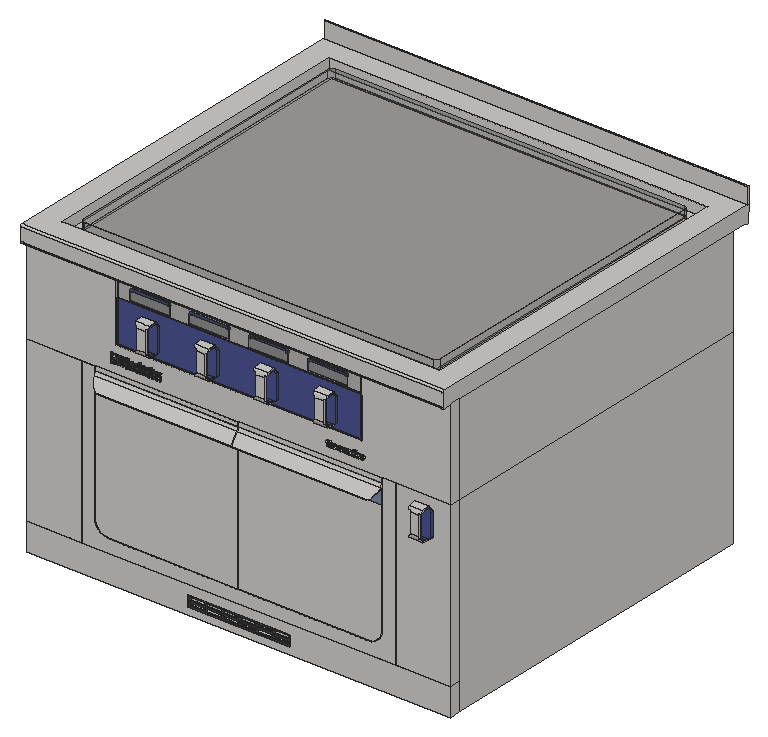
Revit family "QF_ELECTROLUXPROFESSIONAL_589672_MCIQEBJ4AO", category Attrezzature speciali, Revit 2020
Family settings
  Quota connettore circolare = Usa diametro
  Tipo di parte = Normale
  Basato su piano di lavoro = No
  Sempre verticale = Sì
  Taglio con vuoti quando caricato = No
  Condiviso = No
  Punto di calcolo locali = No
Parameters (values of type "Standard")
  Weight = 132.00 kg
  Watts = 22000 W
  Volts = 400 V
  URL Manufacturer = "https://www.electroluxprofessional.com/"
  URL = "https://www.electroluxprofessional.com/"
  Steam Supply Size = 0"
  Steam Supply Minimum Pressure = 0.00 psi
  Steam Supply Maximum Pressure = 0.00 psi
  Steam Consumption per Hour = 0
  Refrigeration Suction Line Size = 0 mm
  Refrigeration Liquid Line Size = 0 mm
  Refrigerant Compressor Remote = yes
  Prospetto di default = 0 mm
  Phase = 3
  Modello = "MCIQEBJ4AO"
  Produttore = "Electrolux Professional"
  Length Actual = 1000 mm  # constant formula
  Item Number = "589672"
  Hot Water Size = 0"
  Height Actual = 700 mm  # constant formula
  HP = "29.5 HP"
  Gas Size = 0"
  Gas KW = 0
  Gas Input Pressure = 0.0 Btu/h
  Direct Waste Size = 0"
  Descrizione = "INDUCTION,4Z,WARM CAB,1S,BS,1000X900X700"
  Depth Actual = 900 mm  # constant formula
  Cycle = 50 Hz
  Condensate Return Size = 0"
  Compressed Air Volume = 0 GPM
  Compressed Air Size = 0"
  Compressed Air Pressure = 0.00 psi
  Cold Water Size = 0"
  Accessory = yes
Reference planes
  plane 1 "BACK": y = 0
  plane 2: z = 0
  plane 3 "LEFT": x = -100
  plane 4 "RIGHT": x = 900
  plane 5 "FRONT": y = -900
  plane 6 "TOP": z = 900
  plane 7 "Center (Left/Right)": x = 400
  plane 8: y = -450
  plane 9: z = 200
  plane 10: y = -150
  plane 11 "Panel": y = -855
  plane 12: z = 798
  plane 13: z = 1327
  plane 14: x = -22
  plane 15: x = 822
  plane 16: y = -150
  plane 17: y = -650
  plane 18 "EIx": x = 855
  plane 19 "EIy": y = -685
  plane 20: y = -880
  plane 21: z = 938
  plane 22: x = 835
Forms (mm)
  Extrusion 1, solid, material "QF_Finishes_Stainless Steel"
    sketch origin (-178.969, -4572, 200) x (-1, 0, 0) y (0, -1, 0)
      loop
        line (-78.969, -4527) -> (-78.969, -3717) -> (-1078.969, -3717) -> (-1078.969, -4527) -> (-78.969, -4527)
    from 450 to 663
  Extrusion 2, solid, material "QF_Finishes_Stainless Steel"
    sketch origin (-100, 0, 0) x (0, 1, 0) y (0, 0, 1)
      loop
        line (-855, 200) -> (-855, 265) -> (-880, 265) -> (-880, 200) -> (-855, 200)
    from 0 to 1000
  Extrusion 3, solid, material "QF_Finishes_Stainless Steel"
    sketch origin (-488.969, -4662, 200) x (-1, 0, 0) y (0, -1, 0)
      loop
        circle (-1343.969, -3977) r 6.35
    from 0 to -11.851
  Extrusion 4, solid, material "QF_Finishes_Stainless Steel"
    sketch origin (400, 296.4, 1219.2) x (0, 1, 0) y (0, 0, 1)
      loop
        line (-296.4, -319.2) -> (-1191.4, -319.2)
        arc (-1191.4, -319.2) -> (-1194.935, -320.664) -> (-1196.4, -324.2) r 5
        line (-1196.4, -324.2) -> (-1196.4, -355.2)
        arc (-1196.4, -355.2) -> (-1194.971, -358.264) -> (-1191.705, -359.139) r 4
        line (-1191.705, -359.139) -> (-1176.4, -356.231) -> (-316.4, -356.231) -> (-301.094, -359.139)
        arc (-301.094, -359.139) -> (-297.829, -358.264) -> (-296.4, -355.2) r 4
        line (-296.4, -355.2) -> (-296.4, -319.2)
    from -500 to 500
  Extrusion 5, solid, material "QF_Finishes_Electrolux_Black Smoke Iluminated"
    sketch origin (0, 0, 900) x (-1, 0, 0) y (0, -1, 0)
      loop
        arc (12, 79) -> (19.071, 81.929) -> (22, 89) r 10
        line (22, 89) -> (22, 810)
        arc (22, 810) -> (19.071, 817.071) -> (12, 820) r 10
        line (12, 820) -> (-812, 820)
        arc (-812, 820) -> (-819.071, 817.071) -> (-822, 810) r 10
        line (-822, 810) -> (-822, 89)
        arc (-822, 89) -> (-819.071, 81.929) -> (-812, 79) r 10
        line (-812, 79) -> (12, 79)
    from 0 to -20
  Extrusion 6, solid, material "QF_Finishes_Stainless Steel"
    sketch origin (-178.969, -4572, 200) x (-1, 0, 0) y (0, -1, 0)
      loop
        line (-78.969, -4527) -> (-78.969, -3717) -> (-1078.969, -3717) -> (-1078.969, -4527) -> (-78.969, -4527)
    from 450 to 0
  Extrusion 7, void
    sketch origin (0, -855, 0) x (-1, 0, 0) y (0, 0, 1)
      loop
        line (-520, 216.594) -> (-280, 216.594) -> (-280, 241.594) -> (-520, 241.594) -> (-520, 216.594)
    from 0 to -25
  Extrusion 8, solid, material "QF_Finishes_Black"
    sketch origin (0, -855, 0) x (-1, 0, 0) y (0, 0, 1)
      loop
        line (-280, 241.594) -> (-520, 241.594) -> (-520, 216.594) -> (-280, 216.594) -> (-280, 241.594)
      loop
        line (-282, 239.594) -> (-319.131, 239.594) -> (-319.131, 230.094) -> (-282, 230.094) -> (-282, 239.594)
      loop
        line (-282, 218.594) -> (-282, 228.094) -> (-319.131, 228.094) -> (-319.131, 218.594) -> (-282, 218.594)
      loop
        line (-321.131, 239.594) -> (-359.066, 239.594) -> (-359.066, 230.094) -> (-321.131, 230.094) -> (-321.131, 239.594)
      loop
        line (-399, 239.594) -> (-399, 230.094) -> (-361.066, 230.094) -> (-361.066, 239.594) -> (-399, 239.594)
      loop
        line (-401, 239.594) -> (-438.934, 239.594) -> (-438.934, 230.094) -> (-401, 230.094) -> (-401, 239.594)
      loop
        line (-359.066, 218.594) -> (-321.131, 218.594) -> (-321.131, 228.094) -> (-359.066, 228.094) -> (-359.066, 218.594)
      loop
        line (-361.066, 218.594) -> (-361.066, 228.094) -> (-399, 228.094) -> (-399, 218.594) -> (-361.066, 218.594)
      loop
        line (-401, 228.094) -> (-438.934, 228.094) -> (-438.934, 218.594) -> (-401, 218.594) -> (-401, 228.094)
      loop
        line (-518, 239.594) -> (-518, 230.094) -> (-480.869, 230.094) -> (-480.869, 239.594) -> (-518, 239.594)
      loop
        line (-518, 218.594) -> (-480.869, 218.594) -> (-480.869, 228.094) -> (-518, 228.094) -> (-518, 218.594)
      loop
        line (-478.869, 239.594) -> (-478.869, 230.094) -> (-440.934, 230.094) -> (-440.934, 239.594) -> (-478.869, 239.594)
      loop
        line (-440.934, 218.594) -> (-440.934, 228.094) -> (-478.869, 228.094) -> (-478.869, 218.594) -> (-440.934, 218.594)
    from -20 to -25
  Extrusion 9, void
    sketch origin (0, 0, 900) x (-1, 0, 0) y (0, -1, 0)
      loop
        line (47, 845) -> (-847, 845) -> (-847, 54) -> (47, 54) -> (47, 845)
    from 0 to -25
  Extrusion 10, solid, material "QF_Finishes_Stainless Steel"
    sketch origin (0, 0, 900) x (-1, 0, 0) y (0, -1, 0)
      loop
        line (18, 83) -> (18, 816) -> (-818, 816) -> (-818, 83) -> (18, 83)
    from -20 to -25
  Extrusion 11, solid, material "QF_Finishes_Stainless Steel"
    sketch origin (0, -900, 0) x (1, 0, 0) y (0, 0, 1)
      loop
        line (-100, 650) -> (-100, 265) -> (30, 265) -> (30, 650) -> (-100, 650)
      loop
        line (900, 650) -> (770, 650) -> (770, 265) -> (900, 265) -> (900, 650)
    from -45 to -20
  Extrusion 12, solid, material "QF_Finishes_Stainless Steel"
    sketch origin (0, -900, 0) x (1, 0, 0) y (0, 0, 1)
      loop
        line (30, 265) -> (770, 265) -> (770, 650) -> (740, 650) -> (740, 327)
        arc (740, 327) -> (730.627, 304.373) -> (708, 295) r 32
        line (708, 295) -> (92, 295)
        arc (92, 295) -> (69.373, 304.373) -> (60, 327) r 32
        line (60, 327) -> (60, 650) -> (30, 650) -> (30, 265)
    from -45 to -20
  Extrusion 13, solid, material "QF_Finishes_Stainless Steel"
    sketch origin (400, 296.4, 1219.2) x (0, 1, 0) y (0, 0, 1)
      loop
        line (-296.4, -319.2) -> (-296.4, -281.2) -> (-298.4, -281.2) -> (-298.4, -319.2) -> (-296.4, -319.2)
    from -500 to 500
Cuts and joins
  Extrusion 7 cuts Extrusion 6
  Extrusion 7 cuts Extrusion 2
  Extrusion 9 cuts Extrusion 4
Lines and regions (mm)
  symbolic lines
    curve 1: line (-100, 0, 200) -> (900, 0, 200)
    curve 2: line (-100, -900, 200) -> (-100, 0, 200)
    curve 3: line (900, -900, 200) -> (-100, -900, 200)
    curve 4: line (900, 0, 200) -> (900, -900, 200)
    curve 5: line (812, -79, 200) -> (-12, -79, 200)
    curve 6: line (-22, -89, 200) -> (-22, -810, 200)
    curve 7: line (-12, -820, 200) -> (812, -820, 200)
    curve 8: line (822, -810, 200) -> (822, -89, 200)
    curve 9: arc (-12, -79, 200) -> (-19.071, -81.929, 200) -> (-22, -89, 200) r 10
    curve 10: arc (822, -89, 200) -> (819.071, -81.929, 200) -> (812, -79, 200) r 10
    curve 11: arc (812, -820, 200) -> (819.071, -817.071, 200) -> (822, -810, 200) r 10
    curve 12: arc (-22, -810, 200) -> (-19.071, -817.071, 200) -> (-12, -820, 200) r 10
    curve 13: line (847, -54, 900) -> (-47, -54, 900)
    curve 14: line (-47, -54, 900) -> (-47, -845, 900)
    curve 15: line (847, -845, 900) -> (847, -54, 900)
    curve 16: line (-47, -845, 900) -> (847, -845, 900)
    curve 55: line (-100, -2, 900) -> (900, -2, 900)
  model lines
    curve 17: line (64.474, -422.012, 900) -> (46.796, -404.335, 900)
    curve 18: line (46.796, -404.335, 900) -> (46.796, -169.335, 900)
    curve 19: line (46.796, -169.335, 900) -> (64.474, -151.657, 900)
    curve 20: line (183.85, -245.603, 900) -> (183.85, -325.603, 900)
    curve 21: line (143.85, -285.603, 900) -> (223.85, -285.603, 900)
    curve 22: line (303.226, -422.012, 900) -> (320.903, -404.335, 900)
    curve 23: line (320.903, -404.335, 900) -> (320.903, -169.335, 900)
    curve 24: line (320.903, -169.335, 900) -> (303.226, -151.657, 900)
    curve 25: line (494.474, -422.012, 900) -> (476.796, -404.335, 900)
    curve 26: line (476.796, -404.335, 900) -> (476.796, -169.335, 900)
    curve 27: line (476.796, -169.335, 900) -> (494.474, -151.657, 900)
    curve 28: line (613.85, -245.603, 900) -> (613.85, -325.603, 900)
    curve 29: line (573.85, -285.603, 900) -> (653.85, -285.603, 900)
    curve 30: line (733.226, -422.012, 900) -> (750.903, -404.335, 900)
    curve 31: line (750.903, -404.335, 900) -> (750.903, -169.335, 900)
    curve 32: line (750.903, -169.335, 900) -> (733.226, -151.657, 900)
    curve 33: line (64.474, -477.988, 900) -> (46.796, -495.665, 900)
    curve 34: line (46.796, -495.665, 900) -> (46.796, -730.665, 900)
    curve 35: line (46.796, -730.665, 900) -> (64.474, -748.343, 900)
    curve 36: line (183.85, -654.397, 900) -> (183.85, -574.397, 900)
    curve 37: line (143.85, -614.397, 900) -> (223.85, -614.397, 900)
    curve 38: line (303.226, -477.988, 900) -> (320.903, -495.665, 900)
    curve 39: line (320.903, -495.665, 900) -> (320.903, -730.665, 900)
    curve 40: line (320.903, -730.665, 900) -> (303.226, -748.343, 900)
    curve 41: line (494.474, -477.988, 900) -> (476.796, -495.665, 900)
    curve 42: line (476.796, -495.665, 900) -> (476.796, -730.665, 900)
    curve 43: line (476.796, -730.665, 900) -> (494.474, -748.343, 900)
    curve 44: line (613.85, -654.397, 900) -> (613.85, -574.397, 900)
    curve 45: line (573.85, -614.397, 900) -> (653.85, -614.397, 900)
    curve 46: line (733.226, -477.988, 900) -> (750.903, -495.665, 900)
    curve 47: line (750.903, -495.665, 900) -> (750.903, -730.665, 900)
    curve 48: line (750.903, -730.665, 900) -> (733.226, -748.343, 900)
    curve 49: line (-7.896, -110.891, 900) -> (13.317, -89.677, 900)
    curve 50: line (13.317, -89.677, 900) -> (786.683, -89.677, 900)
    curve 51: line (807.896, -110.891, 900) -> (786.683, -89.677, 900)
    curve 52: line (-7.896, -789.109, 900) -> (13.317, -810.323, 900)
    curve 53: line (13.317, -810.323, 900) -> (786.683, -810.323, 900)
    curve 54: line (807.896, -789.109, 900) -> (786.683, -810.323, 900)
Dimensions and locks
  plane 3 "LEFT" to plane 4 "RIGHT" = 1000 mm
  plane 5 "FRONT" to plane 1 "BACK" = 900 mm
  plane 3 "LEFT" to plane 7 "Center (Left/Right)" to plane 4 "RIGHT" = 500 mm, 500 mm
  equal spacing: plane 5 "FRONT", plane 8, plane 1 "BACK"
  plane 6 "TOP" to level = 900 mm  (x2)
  plane 9 to level = 200 mm
  plane 1 "BACK" to plane 10 to plane 11 "Panel" = 150 mm, 705 mm  (x2)
  plane 6 "TOP" to plane 9 to level = 700 mm, 200 mm
  plane 1 "BACK" to plane 5 "FRONT" = 900 mm
  plane 1 "BACK" to Extrusion 3 = 685 mm
  plane 12 to plane 9 = 598 mm
  plane 13 to plane 6 "TOP" = 427 mm
  plane 6 "TOP" to plane 12 = 102 mm
  plane 14 to plane 3 "LEFT" = 78 mm
  plane 15 to plane 4 "RIGHT" = 78 mm
  locked: plane 1 "BACK" to plane 16 at 150
  locked: plane 16 to plane 17 at 500
  plane 11 "Panel" to plane 5 "FRONT" = 45 mm
  plane 18 "EIx" to plane 4 "RIGHT" = 45 mm
  plane 19 "EIy" to plane 1 "BACK" = 685 mm
  locked: plane 11 "Panel" to plane 20 at 25
  plane 21 to plane 6 "TOP" = 38 mm
  plane 22 to plane 4 "RIGHT" = 65 mm
  aligned and locked: level to plane 2
  aligned and locked: Extrusion 2 to plane 4 "RIGHT"
  aligned and locked: cut or joined group of Extrusion 4, Extrusion 9 to plane 3 "LEFT"
  aligned and locked: cut or joined group of Extrusion 4, Extrusion 9 to plane 4 "RIGHT"
  aligned and locked: cut or joined group of Extrusion 6, Extrusion 7 to plane 4 "RIGHT"
  aligned and locked: cut or joined group of Extrusion 6, Extrusion 7 to plane 3 "LEFT"
  aligned and locked: nested 2 to plane 11 "Panel"
  aligned and locked: Extrusion 1 to plane 11 "Panel"
  aligned and locked: plane 11 "Panel" to cut or joined group of Extrusion 2, Extrusion 7
  aligned and locked: nested 1 to plane 20
  aligned and locked: Extrusion 1 to plane 3 "LEFT"
  aligned and locked: Extrusion 1 to plane 4 "RIGHT"
  aligned and locked: plane 7 "Center (Left/Right)" to nested 3
  aligned and locked: cut or joined group of Extrusion 6, Extrusion 7 to nested 3
  aligned and locked: plane 11 "Panel" to Extrusion 11
  aligned and locked: plane 20 to Extrusion 11
  aligned and locked: Extrusion 12 to plane 20
  aligned and locked: plane 11 "Panel" to Extrusion 12
  aligned and locked: plane 22 to nested 1
  aligned and locked: Extrusion 13 to plane 3 "LEFT"
  aligned and locked: Extrusion 13 to plane 4 "RIGHT"
Automatic sketch dimensions
  Extrusion 1 sketch curve to plane 4 "RIGHT" = 0 mm
  Extrusion 1 sketch curve to plane 3 "LEFT" = 0 mm
  Extrusion 1 sketch curve to plane 11 "Panel" = 0 mm
  plane 1 "BACK" to Extrusion 1 sketch curve = 45 mm
  Extrusion 2 sketch curve to plane 9 = 0 mm
  Extrusion 2 sketch curve to plane 20 = 0 mm
  Extrusion 2 sketch curve to plane 11 "Panel" = 0 mm
  plane 9 to Extrusion 2 sketch curve = 65 mm
  plane 1 "BACK" to curve 1 = 0 mm
  curve 1 to plane 4 "RIGHT" = 0 mm
  curve 8 to plane 15 = 0 mm
  curve 6 to plane 14 = 0 mm
  curve 2 to plane 3 "LEFT" = 0 mm
  plane 5 "FRONT" to curve 3 = 0 mm
  plane 15 to curve 5 = 10 mm
  plane 15 to curve 11 = 10 mm
  curve 5 to plane 14 = 10 mm
  curve 12 to curve 12 = 10 mm
  plane 10 to curve 5 = 71 mm
  plane 11 "Panel" to curve 11 = 45 mm
  Extrusion 3 sketch curve to plane 18 "EIx" = 0 mm
  Extrusion 3 sketch curve to plane 19 "EIy" = 0 mm
  Extrusion 4 sketch curve to plane 5 "FRONT" = 0 mm
  Extrusion 4 sketch curve to plane 6 "TOP" = 0 mm
  Extrusion 4 sketch curve to plane 20 = 0 mm
  Extrusion 4 sketch curve to plane 1 "BACK" = 0 mm
  Extrusion 4 sketch curve to Extrusion 4 sketch curve = 4 mm
  Extrusion 4 sketch curve to Extrusion 4 sketch curve = 0.695 mm
  Extrusion 4 sketch curve to plane 5 "FRONT" = 5 mm
  plane 1 "BACK" to Extrusion 4 sketch curve = 20 mm
  plane 1 "BACK" to Extrusion 4 sketch curve = 4.695 mm
  plane 1 "BACK" to Extrusion 4 sketch curve = 4 mm
  Extrusion 4 sketch curve to Extrusion 4 sketch curve = 31 mm
  Extrusion 4 sketch curve to Extrusion 4 sketch curve = 36 mm
  Extrusion 4 sketch curve to Extrusion 4 sketch curve = 2.909 mm
  Extrusion 5 sketch curve to plane 15 = 0 mm
  Extrusion 5 sketch curve to plane 14 = 0 mm
  plane 15 to Extrusion 5 sketch curve = 10 mm  (x2)
  Extrusion 5 sketch curve to Extrusion 5 sketch curve = 10 mm  (x2)
  plane 10 to Extrusion 5 sketch curve = 71 mm
  plane 11 "Panel" to Extrusion 5 sketch curve = 45 mm
  Extrusion 6 sketch curve to plane 4 "RIGHT" = 0 mm
  Extrusion 6 sketch curve to plane 3 "LEFT" = 0 mm
  Extrusion 6 sketch curve to plane 11 "Panel" = 0 mm
  plane 1 "BACK" to Extrusion 6 sketch curve = 45 mm
  plane 9 to Extrusion 7 sketch curve = 41.594 mm
  plane 7 "Center (Left/Right)" to Extrusion 7 sketch curve = 120 mm
  Extrusion 7 sketch curve to plane 7 "Center (Left/Right)" = 120 mm
  plane 9 to Extrusion 7 sketch curve = 16.594 mm
  plane 9 to Extrusion 8 sketch curve = 41.594 mm
  plane 7 "Center (Left/Right)" to Extrusion 8 sketch curve = 120 mm
  Extrusion 8 sketch curve to Extrusion 8 sketch curve = 2 mm  (x15)
  Extrusion 8 sketch curve to Extrusion 8 sketch curve = 0 mm  (x16)
  Extrusion 8 sketch curve to Extrusion 8 sketch curve = 37.131 mm  (x2)
  Extrusion 8 sketch curve to Extrusion 8 sketch curve = 37.934 mm  (x3)
  plane 7 "Center (Left/Right)" to Extrusion 8 sketch curve = 1 mm  (x2)
  Extrusion 8 sketch curve to plane 7 "Center (Left/Right)" = 1 mm  (x2)
  plane 9 to Extrusion 8 sketch curve = 18.594 mm  (x4)
  Extrusion 8 sketch curve to Extrusion 8 sketch curve = 9.5 mm  (x6)
  plane 18 "EIx" to Extrusion 9 sketch curve = 8 mm
  plane 14 to Extrusion 9 sketch curve = 25 mm
  plane 1 "BACK" to Extrusion 9 sketch curve = 54 mm
  plane 11 "Panel" to Extrusion 9 sketch curve = 10 mm
  plane 15 to Extrusion 10 sketch curve = 4 mm
  Extrusion 10 sketch curve to plane 14 = 4 mm
  plane 10 to Extrusion 10 sketch curve = 67 mm
  plane 11 "Panel" to Extrusion 10 sketch curve = 39 mm
  curve 55 to plane 4 "RIGHT" = 0 mm
  curve 55 to plane 3 "LEFT" = 0 mm
  plane 18 "EIx" to curve 13 = 8 mm
  plane 15 to curve 53 = 35.317 mm
  plane 15 to curve 51 = 35.317 mm
  plane 15 to curve 46 = 71.097 mm
  curve 32 to plane 10 = 19.335 mm
  plane 15 to curve 32 = 71.097 mm
  curve 27 to plane 10 = 19.335 mm
  plane 7 "Center (Left/Right)" to curve 27 = 76.796 mm
  plane 7 "Center (Left/Right)" to curve 43 = 76.796 mm
  curve 24 to plane 10 = 19.335 mm
  curve 24 to plane 7 "Center (Left/Right)" = 79.097 mm
  curve 40 to plane 7 "Center (Left/Right)" = 79.097 mm
  curve 35 to plane 14 = 68.796 mm
  curve 19 to plane 10 = 19.335 mm
  curve 19 to plane 14 = 68.796 mm
  curve 50 to plane 14 = 35.317 mm
  curve 53 to plane 14 = 35.317 mm
  plane 14 to curve 14 = 25 mm
  plane 10 to curve 50 = 60.323 mm
  plane 1 "BACK" to curve 15 = 54 mm
  plane 8 to curve 26 = 45.665 mm
  plane 8 to curve 17 = 45.665 mm
  plane 8 to curve 30 = 45.665 mm
  plane 8 to curve 22 = 45.665 mm
  curve 34 to plane 8 = 45.665 mm
  curve 42 to plane 8 = 45.665 mm
  curve 38 to plane 8 = 45.665 mm
  curve 46 to plane 8 = 45.665 mm
  curve 42 to plane 19 "EIy" = 45.665 mm
  curve 40 to plane 19 "EIy" = 45.665 mm
  curve 34 to plane 19 "EIy" = 45.665 mm
  curve 47 to plane 19 "EIy" = 45.665 mm
  plane 11 "Panel" to curve 54 = 44.677 mm
  plane 11 "Panel" to curve 15 = 10 mm
  plane 15 to curve 54 = 14.104 mm
  plane 15 to curve 51 = 14.104 mm
  curve 46 to plane 8 = 27.988 mm
  curve 46 to curve 46 = 17.678 mm
  curve 47 to curve 48 = 17.678 mm  (x2)
  curve 32 to plane 10 = 1.657 mm
  curve 31 to curve 32 = 17.678 mm
  plane 8 to curve 30 = 27.988 mm
  curve 30 to curve 30 = 17.678 mm
  curve 45 to plane 17 = 35.603 mm
  curve 47 to curve 45 = 97.053 mm
  curve 31 to curve 29 = 97.053 mm
  plane 17 to curve 44 = 4.397 mm
  curve 45 to curve 44 = 40 mm
  curve 29 to curve 28 = 40 mm  (x2)
  curve 28 to curve 29 = 40 mm  (x2)
  curve 44 to curve 45 = 40 mm  (x2)
  curve 43 to curve 42 = 17.678 mm
  plane 8 to curve 25 = 27.988 mm
  curve 25 to curve 25 = 17.678 mm
  curve 41 to plane 8 = 27.988 mm
  curve 41 to curve 41 = 17.678 mm
  curve 27 to plane 10 = 1.657 mm
  curve 27 to curve 26 = 17.678 mm
  curve 38 to plane 8 = 27.988 mm
  curve 38 to curve 38 = 17.678 mm
  plane 8 to curve 22 = 27.988 mm
  curve 22 to curve 22 = 17.678 mm
  curve 24 to plane 10 = 1.657 mm
  curve 23 to curve 24 = 17.678 mm
  curve 39 to curve 40 = 17.678 mm  (x2)
  curve 37 to plane 17 = 35.603 mm
  curve 39 to curve 37 = 97.053 mm
  curve 23 to curve 21 = 97.053 mm
  curve 21 to curve 20 = 40 mm  (x2)
  plane 17 to curve 36 = 4.397 mm
  curve 37 to curve 36 = 40 mm
  curve 36 to curve 37 = 40 mm  (x2)
  curve 20 to curve 21 = 40 mm  (x2)
  plane 8 to curve 17 = 27.988 mm
  curve 17 to curve 17 = 17.678 mm
  curve 19 to plane 10 = 1.657 mm
  curve 19 to curve 18 = 17.678 mm
  curve 33 to plane 8 = 27.988 mm
  curve 33 to curve 33 = 17.678 mm
  curve 35 to curve 34 = 17.678 mm
  curve 49 to plane 14 = 14.104 mm
  curve 52 to plane 14 = 14.104 mm
  curve 49 to curve 49 = 21.213 mm
  curve 50 to curve 51 = 21.213 mm
  plane 1 "BACK" to curve 55 = 2 mm
  curve 28 to plane 10 = 95.603 mm
  curve 20 to plane 10 = 95.603 mm
  curve 42 to curve 43 = 17.678 mm
  curve 34 to curve 35 = 17.678 mm
  curve 54 to curve 53 = 21.213 mm
  curve 52 to curve 52 = 21.213 mm
  Extrusion 11 sketch curve to plane 3 "LEFT" = 0 mm
  plane 4 "RIGHT" to Extrusion 11 sketch curve = 0 mm
  Extrusion 11 sketch curve to plane 14 = 52 mm
  plane 15 to Extrusion 11 sketch curve = 52 mm
  plane 9 to Extrusion 11 sketch curve = 65 mm  (x2)
  Extrusion 11 sketch curve to plane 12 = 148 mm  (x2)
  Extrusion 12 sketch curve to plane 14 = 52 mm
  Extrusion 12 sketch curve to Extrusion 12 sketch curve = 30 mm  (x2)
  Extrusion 12 sketch curve to Extrusion 12 sketch curve = 32 mm  (x2)
  plane 15 to Extrusion 12 sketch curve = 114 mm
  plane 15 to Extrusion 12 sketch curve = 52 mm
  plane 9 to Extrusion 12 sketch curve = 65 mm
  Extrusion 12 sketch curve to plane 12 = 148 mm  (x2)
  Extrusion 13 sketch curve to plane 6 "TOP" = 0 mm
  Extrusion 13 sketch curve to plane 21 = 0 mm
  Extrusion 13 sketch curve to plane 1 "BACK" = 0 mm
  plane 1 "BACK" to Extrusion 13 sketch curve = 2 mm
  radius of Extrusion 3 sketch curve = 6.35 mm
Nested families
  nested 1: "FIT Range Control Handle" at (835, -883.137, -372.751), type "FIT Range Control Handle"
  nested 2: "Front_Panel_W1000_4 Knobs" at (102.376, -855, 0), type "Front_Panel_W1000_4 Knobs"
  nested 3: "H450H2W1000_2DOOR" at (363.958, -855, 200) x (1, 0, 0) z (0, -1, 0), type "H450H2W1000_2DOOR"
    with Width 680 mm, Wdoor 340 mm, Show Clearance yes
Connectors
  electrical at (855, -685, 188.149)
    settings: on Extrusion 3, index 1, voltage 400 V, apparent load 33000 VA, apparent load phase1 0 VA, apparent load phase2 0 VA, apparent load phase3 0 VA, power factor 1, load classification "Other", number of poles 1, system type 30, power factor state 1, is connector primary yes, connector utility no, sub classification motor no, connector description "ELECTRICAL CONNECTION"
Definition of nested family "FIT Range Control Handle"
  Parameters
    Default Elevation = 0 mm
  Reference planes
    plane 1 "Center (Front/Back)": y = 0
    plane 2: z = 0
    plane 3 "Center (Left/Right)": x = 0
    plane 4: z = 971.092
    plane 5: y = -16.8
  Forms (mm)
    Extrusion 1, solid
      sketch origin (-746.28, 380.497, 208.931) x (-1, 0, 0) y (0, 0, 1)
        loop
          line (-770.101, 786.798) -> (-770.101, 731.649)
          arc (-770.101, 731.649) -> (-769.759, 730.563) -> (-768.855, 729.87) r 1.893
          line (-768.855, 729.87) -> (-763.474, 727.911) -> (-729.81, 727.911) -> (-724.428, 729.87)
          arc (-724.428, 729.87) -> (-723.525, 730.563) -> (-723.183, 731.649) r 1.893
          line (-723.183, 731.649) -> (-723.183, 786.798)
          arc (-723.183, 786.798) -> (-723.529, 787.894) -> (-724.44, 788.593) r 1.91
          line (-724.44, 788.593) -> (-729.683, 790.819) -> (-763.601, 790.819) -> (-768.844, 788.593)
          arc (-768.844, 788.593) -> (-769.755, 787.894) -> (-770.101, 786.798) r 1.91
      from -382.35 to -378.852
    Sweep 2, solid
      path origin (-746.788, 380.496, 208.091) x (0, -1, 0) y (0, 0, 1)
        loop
          line (379.775, 793.281) -> (395.661, 791.048)
          arc (395.661, 791.048) -> (397.781, 787.377) -> (398.517, 783.202) r 12.207
          line (398.517, 783.202) -> (398.517, 737.368)
          arc (398.517, 737.368) -> (397.781, 733.193) -> (395.661, 729.522) r 12.207
          line (395.661, 729.522) -> (379.775, 727.289)
      profile origin (-746.788, -7.222, 1000.256) x (0, -0.139173, 0.990268) y (-1, 0, 0)
        loop
          line (0.782, -763.123) -> (0.782, -730.907) -> (-1.322, -730.907) -> (-1.322, -763.123) -> (0.782, -763.123)
    Sweep 3, solid
      path origin (-746.788, 380.715, 207.832) x (0, -1, 0) y (0, 0, 1)
        loop
          line (380.478, 795.442) -> (397.218, 793.09)
          arc (397.218, 793.09) -> (399.929, 788.473) -> (400.871, 783.202) r 15.207
          line (400.871, 783.202) -> (400.871, 737.584)
          arc (400.871, 737.584) -> (399.914, 732.274) -> (397.164, 727.633) r 15.207
          line (397.164, 727.633) -> (380.601, 725.305)
      profile origin (-746.788, -8.132, 1002.099) x (0, -0.139173, 0.990268) y (-1, 0, 0)
        loop
          line (0.782, -763.123) -> (0.782, -730.907) -> (-1.322, -730.907) -> (-1.322, -763.123) -> (0.782, -763.123)
    Extrusion 4, void
      sketch origin (889.253, 220.666, 207.993) x (1, 0, 0) y (0, 0, 1)
        loop
          line (-943.038, 816.854) -> (-943.038, 703.686) -> (-899.466, 734.196) -> (-899.466, 786.344) -> (-943.038, 816.854)
      from 230.636 to 242.25
    Extrusion 5, void
      sketch origin (-888.8, 220.666, 207.993) x (-1, 0, 0) y (0, 0, -1)
        loop
          line (-943.038, -816.854) -> (-899.466, -786.344) -> (-899.466, -734.196) -> (-943.038, -703.686) -> (-943.038, -816.854)
      from 230.636 to 242.25
    Extrusion 6, solid
      sketch origin (0, 0, 0) x (1, 0, 0) y (0, 0, 1)
        loop
          circle (0, 971.092) r 7.736
      from -3.137 to -1.645
  Cuts and joins
    Extrusion 4, Extrusion 5 cuts Sweep 3
    Extrusion 4, Extrusion 5 cuts Sweep 2
    joined: Extrusion 1, Extrusion 6
  Lines and regions (mm)
    symbolic lines
      curve 1: line (-15.881, -19.189, 0) -> (-15.881, -16.8, 0)
      curve 2: line (16.334, -19.189, 0) -> (16.334, -16.8, 0)
      curve 3: spline (-15.881, -19.189, 0) -> (-15.417, -19.349, 0) -> (-14.951, -19.501, 0) -> (-14.483, -19.646, 0) -> (-14.014, -19.783, 0) -> (-13.543, -19.912, 0) -> (-13.071, -20.033, 0) -> (-12.597, -20.146, 0) -> (-12.122, -20.251, 0) -> (-11.646, -20.349, 0) -> (-11.169, -20.438, 0) -> (-10.691, -20.52, 0) -> (-10.213, -20.593, 0)
      curve 4: spline (10.666, -20.593, 0) -> (11.144, -20.52, 0) -> (11.622, -20.438, 0) -> (12.099, -20.349, 0) -> (12.575, -20.251, 0) -> (13.05, -20.146, 0) -> (13.524, -20.033, 0) -> (13.996, -19.912, 0) -> (14.467, -19.783, 0) -> (14.936, -19.646, 0) -> (15.404, -19.501, 0) -> (15.87, -19.349, 0) -> (16.334, -19.189, 0)
      curve 5: line (-10.213, -20.938, 0) -> (10.716, -20.938, 0)
  Dimensions and locks
    cut or joined group of Sweep 3, Extrusion 4, Extrusion 5 to cut or joined group of Sweep 3, Extrusion 4, Extrusion 5 = 71.686 mm
Definition of nested family "Front_Panel_W1000_4 Knobs"
  Parameters
    Default Elevation = 0 mm
  Reference planes
    plane 1 "Center (Front/Back)": y = 0
    plane 2: z = 0
    plane 3 "Center (Left/Right)": x = 297.624
    plane 4 "Left": x = -202.376
    plane 5 "Right": x = 797.624
    plane 6: y = -45
    plane 7: x = 87.624
    plane 8: x = 227.624
    plane 9: y = -310
    plane 10: y = -25
    plane 11: x = -2.376
    plane 12: x = 367.624
    plane 13: x = 507.624
    plane 14: x = 594.715
  Forms (mm)
    Extrusion 1, solid
      sketch origin (833.217, 829.203, -1.25) x (0, 1, 0) y (0, 0, 1)
        loop
          line (-854.203, 651.25) -> (-829.203, 651.25) -> (-829.203, 864.25) -> (-854.203, 864.25) -> (-854.203, 651.25)
      from -1035.593 to -35.593
    Extrusion 2, void
      sketch origin (0, 0, 0) x (1, 0, 0) y (0, 0, 1)
        loop
          line (7.624, 853.866) -> (7.624, 711.866) -> (587.624, 711.866) -> (587.624, 853.866) -> (7.624, 853.866)
      from 19.387 to 33.951
  Cuts and joins
    Extrusion 2 cuts Extrusion 1
  Lines and regions (mm)
    symbolic lines
      curve 1: line (131.124, -45, 0) -> (131.124, -310, 0)
      curve 2: line (131.124, -310, 0) -> (464.124, -310, 0)
      curve 3: line (235.966, -310, 0) -> (240.646, -334.075, 0)
      curve 4: line (240.646, -334.075, 0) -> (354.603, -334.075, 0)
      curve 5: line (354.603, -334.075, 0) -> (359.283, -310, 0)
      curve 6: line (464.124, -310, 0) -> (464.124, -45, 0)
      curve 7: line (131.124, -300, 0) -> (464.124, -300, 0)
      curve 8: line (240.874, -309.046, 0) -> (244.767, -329.075, 0)
      curve 9: line (244.767, -329.075, 0) -> (350.481, -329.075, 0)
      curve 10: line (350.481, -329.075, 0) -> (354.375, -309.046, 0)
  Dimensions and locks
    equal spacing: plane 5 "Right", plane 3 "Center (Left/Right)", plane 4 "Left"
    plane 5 "Right" to plane 4 "Left" = 1000 mm
    plane 3 "Center (Left/Right)" to plane 7 = 210 mm
    plane 3 "Center (Left/Right)" to plane 8 = 70 mm
    plane 6 to plane 9 = 265 mm
    plane 13 to plane 3 "Center (Left/Right)" = 210 mm
    plane 12 to plane 3 "Center (Left/Right)" = 70 mm
    aligned and locked: cut or joined group of Extrusion 1, Extrusion 2 to plane 4 "Left"
    aligned and locked: plane 5 "Right" to cut or joined group of Extrusion 1, Extrusion 2
    aligned and locked: plane 3 "Center (Left/Right)" to nested 2
    aligned and locked: cut or joined group of Extrusion 1, Extrusion 2 to nested 2
  Automatic sketch dimensions
    Extrusion 1 sketch curve to plane 1 "Center (Front/Back)" = 0 mm
    level to Extrusion 1 sketch curve = 650 mm
    plane 4 "Left" to Extrusion 2 sketch curve = 210 mm
    Extrusion 2 sketch curve to plane 5 "Right" = 210 mm
    level to Extrusion 2 sketch curve = 711.866 mm
    Extrusion 2 sketch curve to Extrusion 2 sketch curve = 142 mm
    plane 6 to curve 1 = 0 mm
    plane 6 to curve 6 = 0 mm
    plane 9 to curve 1 = 0 mm
    plane 7 to curve 1 = 43.5 mm
    curve 4 to plane 9 = 24.075 mm
    plane 8 to curve 4 = 13.021 mm
    curve 3 to curve 8 = 4.122 mm
    plane 3 "Center (Left/Right)" to curve 4 = 56.979 mm
    curve 4 to curve 2 = 109.521 mm
    plane 8 to curve 3 = 8.342 mm
    curve 3 to curve 8 = 4.908 mm
    curve 9 to curve 4 = 4.122 mm
    curve 10 to plane 9 = 19.075 mm
    curve 9 to curve 5 = 8.801 mm
    plane 9 to curve 10 = 0.954 mm
    curve 10 to curve 5 = 4.908 mm
    curve 3 to curve 8 = 0.954 mm
    curve 1 to curve 7 = 10 mm
    Extrusion 1 sketch curve to plane 6 = 20 mm
    Extrusion 1 sketch curve to Extrusion 1 sketch curve = 213 mm
  Nested families
    nested 1: "Range Control Handle" at (87.624, -28.137, -209.113) x (-1, 0, 0) z (0, 0, 1), type "Range Control Handle"
    nested 2: "Front glass control panel W1000" at (297.624, 280.644, 2.752), type "Front glass control panel W1000"
    nested 3: "Range Control Handle" at (227.624, -28.137, -209.113) x (-1, 0, 0) z (0, 0, 1), type "Range Control Handle"
    nested 4: "Range Control Handle" at (367.624, -28.137, -209.113), type "Range Control Handle"
    nested 5: "Range Control Handle" at (507.624, -28.137, -209.113), type "Range Control Handle"
    nested 6: "ELX_ThermaLine_Small" at (546.122, -25, 679.426) x (1, 0, 0) z (0, -1, 0), type "ELX_ThermaLine_Small"
      with Show Logo yes, Material_Logo none
    nested 7: "ELX_Professional_Logo_Small" at (57.11, -25, 681.659) x (1, 0, 0) z (0, -1, 0), type "ELX_Professional_Logo_Small"
      with Show Logo yes, Material_Logo none
  Definition of nested family "Range Control Handle"
    Parameters
      Default Elevation = 0 mm
    Reference planes
      plane 1 "Center (Front/Back)": y = 0
      plane 2: z = 0
      plane 3 "Center (Left/Right)": x = 0
      plane 4: z = 971.092
      plane 5: y = -16.9
    Forms (mm)
      Extrusion 1, solid
        sketch origin (-746.28, 380.497, 208.931) x (-1, 0, 0) y (0, 0, 1)
          loop
            line (-770.101, 786.798) -> (-770.101, 731.649)
            arc (-770.101, 731.649) -> (-769.759, 730.563) -> (-768.855, 729.87) r 1.893
            line (-768.855, 729.87) -> (-763.474, 727.911) -> (-729.81, 727.911) -> (-724.428, 729.87)
            arc (-724.428, 729.87) -> (-723.525, 730.563) -> (-723.183, 731.649) r 1.893
            line (-723.183, 731.649) -> (-723.183, 786.798)
            arc (-723.183, 786.798) -> (-723.529, 787.894) -> (-724.44, 788.593) r 1.91
            line (-724.44, 788.593) -> (-729.683, 790.819) -> (-763.601, 790.819) -> (-768.844, 788.593)
            arc (-768.844, 788.593) -> (-769.755, 787.894) -> (-770.101, 786.798) r 1.91
        from -382.35 to -378.852
      Sweep 2, solid
        path origin (-746.788, 380.496, 208.091) x (0, -1, 0) y (0, 0, 1)
          loop
            line (379.775, 793.281) -> (395.661, 791.048)
            arc (395.661, 791.048) -> (397.781, 787.377) -> (398.517, 783.202) r 12.207
            line (398.517, 783.202) -> (398.517, 737.368)
            arc (398.517, 737.368) -> (397.781, 733.193) -> (395.661, 729.522) r 12.207
            line (395.661, 729.522) -> (379.775, 727.289)
        profile origin (-746.788, -7.222, 1000.256) x (0, -0.139173, 0.990268) y (-1, 0, 0)
          loop
            line (0.782, -763.123) -> (0.782, -730.907) -> (-1.322, -730.907) -> (-1.322, -763.123) -> (0.782, -763.123)
      Sweep 3, solid
        path origin (-746.788, 380.715, 207.832) x (0, -1, 0) y (0, 0, 1)
          loop
            line (380.478, 795.442) -> (397.218, 793.09)
            arc (397.218, 793.09) -> (399.929, 788.473) -> (400.871, 783.202) r 15.207
            line (400.871, 783.202) -> (400.871, 737.584)
            arc (400.871, 737.584) -> (399.914, 732.274) -> (397.164, 727.633) r 15.207
            line (397.164, 727.633) -> (380.601, 725.305)
        profile origin (-746.788, -8.132, 1002.099) x (0, -0.139173, 0.990268) y (-1, 0, 0)
          loop
            line (0.782, -763.123) -> (0.782, -730.907) -> (-1.322, -730.907) -> (-1.322, -763.123) -> (0.782, -763.123)
      Extrusion 4, void
        sketch origin (889.253, 220.666, 207.993) x (1, 0, 0) y (0, 0, 1)
          loop
            line (-943.038, 816.854) -> (-943.038, 703.686) -> (-899.466, 734.196) -> (-899.466, 786.344) -> (-943.038, 816.854)
        from 230.636 to 242.25
      Extrusion 5, void
        sketch origin (-888.8, 220.666, 207.993) x (-1, 0, 0) y (0, 0, -1)
          loop
            line (-943.038, -816.854) -> (-899.466, -786.344) -> (-899.466, -734.196) -> (-943.038, -703.686) -> (-943.038, -816.854)
        from 230.636 to 242.25
      Extrusion 6, solid
        sketch origin (0, 0, 0) x (1, 0, 0) y (0, 0, 1)
          loop
            circle (0, 971.092) r 7.736
        from -3.137 to -1.645
    Cuts and joins
      Extrusion 4, Extrusion 5 cuts Sweep 3
      Extrusion 4, Extrusion 5 cuts Sweep 2
      joined: Extrusion 1, Extrusion 6
    Lines and regions (mm)
      symbolic lines
        curve 1: line (16.334, -16.9, 0) -> (16.334, -19.227, 0)
        curve 2: spline (16.334, -19.227, 0) -> (15.87, -19.385, 0) -> (15.404, -19.536, 0) -> (14.936, -19.678, 0) -> (14.466, -19.813, 0) -> (13.995, -19.94, 0) -> (13.523, -20.059, 0) -> (13.049, -20.171, 0) -> (12.575, -20.274, 0) -> (12.099, -20.37, 0) -> (11.622, -20.458, 0) -> (11.144, -20.537, 0) -> (10.666, -20.609, 0)
        curve 3: line (10.666, -16.9, 0) -> (10.666, -20.938, 0)
        curve 4: line (-10.213, -20.938, 0) -> (10.666, -20.938, 0)
        curve 5: line (-10.213, -20.938, 0) -> (-10.213, -16.9, 0)
        curve 6: spline (-10.213, -20.609, 0) -> (-10.691, -20.537, 0) -> (-11.169, -20.458, 0) -> (-11.646, -20.37, 0) -> (-12.122, -20.274, 0) -> (-12.597, -20.171, 0) -> (-13.07, -20.059, 0) -> (-13.542, -19.94, 0) -> (-14.013, -19.813, 0) -> (-14.483, -19.678, 0) -> (-14.951, -19.536, 0) -> (-15.417, -19.385, 0) -> (-15.881, -19.227, 0)
        curve 7: line (-15.881, -19.227, 0) -> (-15.881, -16.9, 0)
  Definition of nested family "Front glass control panel W1000"
    Parameters
      Default Elevation = 0 mm
    Reference planes
      plane 1 "Center (Front/Back)": y = 0
      plane 2: z = 0
      plane 3 "Center (Left/Right)": x = 0
    Forms (mm)
      Extrusion 1, solid
        sketch origin (378.286, 0, 0.617) x (1, 0, 0) y (0, 0, 1)
          loop
            line (-668.286, 806.791) -> (-668.286, 708.497) -> (-88.286, 708.497) -> (-88.286, 806.791) -> (-668.286, 806.791)
        from 300.031 to 304.8
      Extrusion 2, solid
        sketch origin (378.286, 0, 0.617) x (1, 0, 0) y (0, 0, 1)
          loop
            line (-668.286, 850.497) -> (-668.286, 806.791) -> (-88.286, 806.791) -> (-88.286, 850.497) -> (-668.286, 850.497)
        from 300.031 to 304.8
      Extrusion 3, void
        sketch origin (378.286, 0, 0.617) x (1, 0, 0) y (0, 0, 1)
          loop
            line (-665.628, 847.565) -> (-665.628, 710.699) -> (-91.196, 710.699) -> (-91.196, 847.565) -> (-665.628, 847.565)
        from 303.697 to 304.8
      Extrusion 4, solid
        sketch origin (-378.333, 1.101, -0.633) x (-1, 0, 0) y (0, 0, -1)
          loop
            line (-261.431, -812.62) -> (-355.186, -812.62) -> (-355.186, -834.177) -> (-350.269, -834.177) -> (-348.469, -835.977) -> (-268.039, -835.977) -> (-266.24, -834.177) -> (-261.431, -834.177) -> (-261.431, -812.62)
        from 304.798 to 306.745
      Extrusion 5, solid
        sketch origin (-378.333, 1.101, -0.633) x (-1, 0, 0) y (0, 0, -1)
          loop
            line (-350.269, -834.177) -> (-355.078, -834.177)
            arc (-355.078, -834.177) -> (-353.942, -838.747) -> (-349.686, -840.763) r 5.5
            line (-349.686, -840.763) -> (-266.98, -840.763)
            arc (-266.98, -840.763) -> (-262.706, -838.752) -> (-261.529, -834.177) r 5.549
            line (-261.529, -834.177) -> (-266.24, -834.177) -> (-268.039, -835.977) -> (-348.469, -835.977) -> (-350.269, -834.177)
        from 304.798 to 306.745
      Extrusion 6, solid
        sketch origin (-518.333, 1.101, -0.633) x (-1, 0, 0) y (0, 0, -1)
          loop
            line (-261.431, -812.62) -> (-355.186, -812.62) -> (-355.186, -834.177) -> (-350.269, -834.177) -> (-348.469, -835.977) -> (-268.039, -835.977) -> (-266.24, -834.177) -> (-261.431, -834.177) -> (-261.431, -812.62)
        from 304.798 to 306.745
      Extrusion 7, solid
        sketch origin (-518.333, 1.101, -0.633) x (-1, 0, 0) y (0, 0, -1)
          loop
            line (-350.269, -834.177) -> (-355.078, -834.177)
            arc (-355.078, -834.177) -> (-353.942, -838.747) -> (-349.686, -840.763) r 5.5
            line (-349.686, -840.763) -> (-266.98, -840.763)
            arc (-266.98, -840.763) -> (-262.706, -838.752) -> (-261.529, -834.177) r 5.549
            line (-261.529, -834.177) -> (-266.24, -834.177) -> (-268.039, -835.977) -> (-348.469, -835.977) -> (-350.269, -834.177)
        from 304.798 to 306.745
      Extrusion 8, solid
        sketch origin (378.333, 1.101, -0.633) x (1, 0, 0) y (0, 0, 1)
          loop
            line (-261.431, 812.62) -> (-261.431, 834.177) -> (-266.24, 834.177) -> (-268.039, 835.977) -> (-348.469, 835.977) -> (-350.269, 834.177) -> (-355.186, 834.177) -> (-355.186, 812.62) -> (-261.431, 812.62)
        from 304.798 to 306.745
      Extrusion 9, solid
        sketch origin (378.333, 1.101, -0.633) x (1, 0, 0) y (0, 0, 1)
          loop
            line (-350.269, 834.177) -> (-348.469, 835.977) -> (-268.039, 835.977) -> (-266.24, 834.177) -> (-261.529, 834.177)
            arc (-261.529, 834.177) -> (-262.706, 838.752) -> (-266.98, 840.763) r 5.549
            line (-266.98, 840.763) -> (-349.686, 840.763)
            arc (-349.686, 840.763) -> (-353.942, 838.747) -> (-355.078, 834.177) r 5.5
            line (-355.078, 834.177) -> (-350.269, 834.177)
        from 304.798 to 306.745
      Extrusion 10, solid
        sketch origin (518.333, 1.101, -0.633) x (1, 0, 0) y (0, 0, 1)
          loop
            line (-261.431, 812.62) -> (-261.431, 834.177) -> (-266.24, 834.177) -> (-268.039, 835.977) -> (-348.469, 835.977) -> (-350.269, 834.177) -> (-355.186, 834.177) -> (-355.186, 812.62) -> (-261.431, 812.62)
        from 304.798 to 306.745
      Extrusion 11, solid
        sketch origin (518.333, 1.101, -0.633) x (1, 0, 0) y (0, 0, 1)
          loop
            line (-350.269, 834.177) -> (-348.469, 835.977) -> (-268.039, 835.977) -> (-266.24, 834.177) -> (-261.529, 834.177)
            arc (-261.529, 834.177) -> (-262.706, 838.752) -> (-266.98, 840.763) r 5.549
            line (-266.98, 840.763) -> (-349.686, 840.763)
            arc (-349.686, 840.763) -> (-353.942, 838.747) -> (-355.078, 834.177) r 5.5
            line (-355.078, 834.177) -> (-350.269, 834.177)
        from 304.798 to 306.745
    Cuts and joins
      Extrusion 3 cuts Extrusion 1
      Extrusion 3 cuts Extrusion 2
    Dimensions and locks
      aligned and locked: Extrusion 1 to Extrusion 2
      aligned and locked: Extrusion 5 sketch curve to Extrusion 4  (x5)
      aligned and locked: Extrusion 5 to Extrusion 4
      aligned and locked: Extrusion 7 sketch curve to Extrusion 6  (x5)
      aligned and locked: Extrusion 7 to Extrusion 6
      aligned and locked: Extrusion 9 sketch curve to Extrusion 8  (x4)
      aligned and locked: Extrusion 8 to Extrusion 9 sketch curve
      aligned and locked: Extrusion 9 to Extrusion 8
      aligned and locked: Extrusion 11 sketch curve to Extrusion 10  (x4)
      aligned and locked: Extrusion 10 to Extrusion 11 sketch curve
      aligned and locked: Extrusion 11 to Extrusion 10
  Definition of nested family "ELX_ThermaLine_Small"
    Parameters
      Show Logo [instance] = yes
      Material_Logo [instance] = none
      Default Elevation = 0 mm
    Reference planes
      plane 1 "Centro (Fronte/Retro)": y = 0
      plane 2: z = 0
      plane 3 "Centro (Sinistra/Destra)": x = 0
    Forms (mm)
      Extrusion 1, solid
        sketch origin (0, 0, 0) x (1, 0, 0) y (0, 1, 0)
          loop
            line (-1219.2, 1219.2) -> (-1219.2, -1219.2) -> (1219.2, -1219.2) -> (1219.2, 1219.2) -> (-1219.2, 1219.2)
        from 0 to -304.8
      Extrusion 2, solid
        sketch origin (0, 0, 0) x (1, 0, 0) y (0, 1, 0)
          loop
            line (-37.494, 1.229) -> (-35.908, 1.229) -> (-35.908, 3.066) -> (-37.494, 3.066) -> (-37.494, 6.221) -> (-39.867, 4.881) -> (-39.867, 3.066) -> (-40.969, 3.066) -> (-40.969, 1.229) -> (-39.867, 1.229) -> (-39.867, -3.407)
            arc (-39.867, -3.407) -> (-38.982, -5.513) -> (-36.751, -6.001) r 2.478
            line (-36.751, -6.001) -> (-35.638, -5.7) -> (-35.9, -3.835) -> (-36.661, -4.039)
            arc (-36.661, -4.039) -> (-37.236, -3.924) -> (-37.494, -3.399) r 0.662
            line (-37.494, -3.399) -> (-37.494, 1.229)
          loop
            line (-34.242, 6.539) -> (-34.242, -5.848) -> (-31.854, -5.848) -> (-31.854, -0.078)
            arc (-31.854, -0.078) -> (-30.939, 1.249) -> (-29.33, 1.367) r 1.866
            arc (-29.33, 1.367) -> (-28.695, 0.768) -> (-28.461, -0.073) r 1.627
            line (-28.461, -0.073) -> (-28.461, -5.848) -> (-26.086, -5.848) -> (-26.064, -0.46)
            arc (-26.064, -0.46) -> (-26.261, 0.932) -> (-26.786, 2.237) r 5.825
            arc (-26.786, 2.237) -> (-29.381, 3.264) -> (-31.854, 1.971) r 3.353
            line (-31.854, 1.971) -> (-31.854, 6.539) -> (-34.242, 6.539)
          loop
            arc (-18.398, -0.598) -> (-18.893, 0.879) -> (-20.326, 1.487) r 1.897
            arc (-20.326, 1.487) -> (-21.461, 0.708) -> (-21.897, -0.598) r 2.164
            line (-21.897, -0.598) -> (-18.398, -0.598)
          loop
            arc (-16.021, -2.044) -> (-16.754, 1.227) -> (-19.444, 3.226) r 4.814
            arc (-19.444, 3.226) -> (-22.137, 2.788) -> (-23.943, 0.743) r 4.054
            arc (-23.943, 0.743) -> (-24.382, -1.249) -> (-24.162, -3.276) r 6.289
            arc (-24.162, -3.276) -> (-23.302, -4.71) -> (-21.958, -5.705) r 4.28
            arc (-21.958, -5.705) -> (-18.558, -5.814) -> (-16.152, -3.409) r 4.28
            line (-16.152, -3.409) -> (-18.5, -2.995)
            arc (-18.5, -2.995) -> (-19.273, -3.994) -> (-20.533, -4.076) r 1.536
            arc (-20.533, -4.076) -> (-21.56, -3.281) -> (-21.958, -2.044) r 2.197
            line (-21.958, -2.044) -> (-16.021, -2.044)
          loop
            line (-14.165, -5.848) -> (-11.819, -5.848) -> (-11.819, -2.138)
            arc (-11.819, -2.138) -> (-11.787, -1.156) -> (-11.637, -0.185) r 8.18
            arc (-11.637, -0.185) -> (-10.644, 0.972) -> (-9.132, 0.776) r 1.603
            line (-9.132, 0.776) -> (-8.419, 2.846)
            arc (-8.419, 2.846) -> (-10.432, 3.118) -> (-11.994, 1.821) r 2.527
            line (-11.994, 1.821) -> (-11.994, 3.094) -> (-14.165, 3.094) -> (-14.165, -5.848)
          loop
            line (-7.579, 3.094) -> (-7.579, -5.848) -> (-5.178, -5.848) -> (-5.178, -0.756)
            arc (-5.178, -0.756) -> (-4.727, 0.679) -> (-3.417, 1.419) r 2.05
            arc (-3.417, 1.419) -> (-2.499, 0.908) -> (-2.155, -0.085) r 1.471
            line (-2.155, -0.085) -> (-2.155, -5.848) -> (0.23, -5.848) -> (0.23, -1.001)
            arc (0.23, -1.001) -> (0.47, 0.127) -> (1.148, 1.061) r 2.775
            arc (1.148, 1.061) -> (2.225, 1.329) -> (3.05, 0.587) r 1.182
            arc (3.05, 0.587) -> (3.199, -0.019) -> (3.214, -0.642) r 2.894
            line (3.214, -0.642) -> (3.214, -5.848) -> (5.601, -5.848) -> (5.601, 0.261)
            arc (5.601, 0.261) -> (4.87, 2.263) -> (2.976, 3.241) r 2.932
            arc (2.976, 3.241) -> (1.284, 2.973) -> (-0.047, 1.896) r 3.309
            arc (-0.047, 1.896) -> (-1.116, 2.865) -> (-2.506, 3.258) r 3.16
            arc (-2.506, 3.258) -> (-4.105, 2.942) -> (-5.376, 1.92) r 3.419
            line (-5.376, 1.92) -> (-5.376, 3.094) -> (-7.579, 3.094)
          loop
            line (7.583, 0.738) -> (9.702, 0.364)
            arc (9.702, 0.364) -> (11.441, 1.492) -> (12.855, -0.023) r 1.613
            line (12.855, -0.023) -> (9.782, -0.789)
            arc (9.782, -0.789) -> (8.559, -1.346) -> (7.617, -2.305) r 3.687
            arc (7.617, -2.305) -> (7.499, -3.681) -> (7.901, -5.003) r 3.651
            arc (7.901, -5.003) -> (9.107, -5.766) -> (10.515, -6.006) r 3.635
            arc (10.515, -6.006) -> (11.898, -5.697) -> (13.067, -4.895) r 3.734
            line (13.067, -4.895) -> (13.376, -5.848) -> (15.75, -5.848) -> (15.212, -4.193) -> (15.212, 0.38)
            arc (15.212, 0.38) -> (14.897, 1.849) -> (13.818, 2.895) r 2.585
            arc (13.818, 2.895) -> (11.792, 3.442) -> (9.719, 3.11) r 5.005
            arc (9.719, 3.11) -> (8.369, 2.178) -> (7.583, 0.738) r 3.54
          loop
            line (19.723, -5.848) -> (22.233, -5.848) -> (24.854, 6.484) -> (22.345, 6.484) -> (19.723, -5.848)
          loop
            line (24.583, -5.848) -> (26.953, -5.848) -> (28.848, 3.066) -> (26.478, 3.066) -> (24.583, -5.848)
          loop
            line (27.204, 6.484) -> (26.741, 4.305) -> (29.111, 4.305) -> (29.575, 6.484) -> (27.204, 6.484)
          loop
            line (29.355, -5.848) -> (31.849, -5.848) -> (33.098, 0.028)
            arc (33.098, 0.028) -> (34.169, 1.306) -> (35.832, 1.422) r 2.132
            arc (35.832, 1.422) -> (36.324, 0.752) -> (36.383, -0.078) r 1.5
            line (36.383, -0.078) -> (35.157, -5.848) -> (37.536, -5.848) -> (38.936, 0.738)
            arc (38.936, 0.738) -> (38.775, 2.091) -> (37.825, 3.066) r 2.118
            arc (37.825, 3.066) -> (35.392, 3.175) -> (33.295, 1.937) r 4.271
            line (33.295, 1.937) -> (33.535, 3.066) -> (31.25, 3.066) -> (29.355, -5.848)
          loop
            line (42.792, -0.64) -> (46.589, -0.64)
            arc (46.589, -0.64) -> (46.639, 0.124) -> (46.327, 0.823) r 1.589
            arc (46.327, 0.823) -> (45.117, 1.521) -> (43.762, 1.183) r 1.865
            arc (43.762, 1.183) -> (43.141, 0.344) -> (42.792, -0.64) r 3.538
          loop
            line (42.565, -2.138) -> (48.593, -2.138)
            arc (48.593, -2.138) -> (48.58, 0.597) -> (46.983, 2.818) r 4.494
            arc (46.983, 2.818) -> (44.191, 3.28) -> (41.725, 1.891) r 4.26
            arc (41.725, 1.891) -> (40.503, -0.3) -> (40.284, -2.799) r 6.003
            arc (40.284, -2.799) -> (40.959, -4.468) -> (42.377, -5.576) r 3.482
            arc (42.377, -5.576) -> (44.265, -5.961) -> (46.152, -5.576) r 4.823
            arc (46.152, -5.576) -> (47.432, -4.731) -> (48.328, -3.485) r 4.245
            line (48.328, -3.485) -> (46.168, -3.105)
            arc (46.168, -3.105) -> (45.214, -4.072) -> (43.859, -4.181) r 1.953
            arc (43.859, -4.181) -> (42.821, -3.408) -> (42.565, -2.138) r 1.81
          loop
            line (12.868, -1.553) -> (10.216, -2.214)
            arc (10.216, -2.214) -> (9.747, -3.136) -> (10.216, -4.058) r 1.14
            arc (10.216, -4.058) -> (11.537, -4.249) -> (12.614, -3.46) r 1.763
            arc (12.614, -3.46) -> (12.858, -2.522) -> (12.868, -1.553) r 3.97
        from 0 to 1.6
    Dimensions and locks
      aligned and locked: plane 2 to Extrusion 1
      aligned and locked: level to Extrusion 1
  Definition of nested family "ELX_Professional_Logo_Small"
    Parameters
      Show Logo [instance] = yes
      Material_Logo [instance] = none
      Default Elevation = 0 mm
    Reference planes
      plane 1 "Centro (Fronte/Retro)": y = 0
      plane 2: z = 0
      plane 3 "Centro (Sinistra/Destra)": x = 0
    Forms (mm)
      Extrusion 1, solid
        sketch origin (0, 0, 0) x (1, 0, 0) y (0, 1, 0)
          loop
            line (-1219.2, 1219.2) -> (-1219.2, -1219.2) -> (1219.2, -1219.2) -> (1219.2, 1219.2) -> (-1219.2, 1219.2)
        from 0 to -304.8
      Extrusion 2, solid, material <- "Material_Logo"
        sketch origin (15.5, 0, 0) x (1, 0, 0) y (0, 1, 0)
          loop
            spline (-42.99, -1.24) -> (-43.195, -1.231) -> (-43.415, -1.203) -> (-43.642, -1.152) -> (-43.87, -1.074) -> (-44.095, -0.966) -> (-44.309, -0.825) -> (-44.506, -0.647) -> (-44.681, -0.429) -> (-44.828, -0.167) -> (-44.94, 0.142) -> (-45.011, 0.501) -> (-45.037, 0.915)
            line (-45.037, 0.915) -> (-45.037, 2.748) -> (-38.984, 2.748) -> (-38.984, 5.086) -> (-45.038, 5.086) -> (-45.038, 8.489) -> (-38.599, 8.489) -> (-38.599, 10.82) -> (-47.515, 10.82) -> (-47.515, 1.021)
            spline (-47.515, 1.021) -> (-47.493, 0.418) -> (-47.425, -0.15) -> (-47.311, -0.682) -> (-47.15, -1.175) -> (-46.939, -1.628) -> (-46.678, -2.038) -> (-46.365, -2.404) -> (-46, -2.723) -> (-45.58, -2.995) -> (-45.105, -3.216) -> (-44.573, -3.385) -> (-43.983, -3.499)
            line (-43.983, -3.499) -> (-43.01, -3.569) -> (-38.426, -3.569) -> (-38.426, -1.24) -> (-42.99, -1.24)
          loop
            line (-36.666, 4.021) -> (-36.666, -3.573) -> (-34.188, -3.573) -> (-34.188, 10.824) -> (-36.666, 10.824) -> (-36.666, 4.021)
          loop
            spline (-21.915, 1.897) -> (-21.957, 2.615) -> (-22.082, 3.303) -> (-22.285, 3.955) -> (-22.563, 4.564) -> (-22.913, 5.124) -> (-23.331, 5.629) -> (-23.814, 6.074) -> (-24.359, 6.451) -> (-24.961, 6.755) -> (-25.618, 6.98) -> (-26.326, 7.119) -> (-27.081, 7.167)
            spline (-27.081, 7.167) -> (-27.853, 7.122) -> (-28.586, 6.99) -> (-29.275, 6.774) -> (-29.915, 6.478) -> (-30.5, 6.104) -> (-31.024, 5.657) -> (-31.483, 5.138) -> (-31.871, 4.553) -> (-32.182, 3.904) -> (-32.411, 3.194) -> (-32.552, 2.427) -> (-32.6, 1.606)
            spline (-32.6, 1.606) -> (-32.553, 0.805) -> (-32.416, 0.057) -> (-32.193, -0.637) -> (-31.887, -1.271) -> (-31.504, -1.843) -> (-31.048, -2.35) -> (-30.523, -2.788) -> (-29.934, -3.154) -> (-29.284, -3.444) -> (-28.579, -3.656) -> (-27.822, -3.785) -> (-27.019, -3.829)
            spline (-27.019, -3.829) -> (-26.627, -3.82) -> (-26.239, -3.79) -> (-25.856, -3.739) -> (-25.477, -3.663) -> (-25.103, -3.562) -> (-24.734, -3.432) -> (-24.369, -3.273) -> (-24.01, -3.082) -> (-23.655, -2.858) -> (-23.305, -2.597) -> (-22.96, -2.299) -> (-22.621, -1.962)
            line (-22.621, -1.962) -> (-24.114, -0.509)
            spline (-24.114, -0.509) -> (-24.311, -0.699) -> (-24.509, -0.872) -> (-24.71, -1.03) -> (-24.915, -1.172) -> (-25.126, -1.297) -> (-25.346, -1.407) -> (-25.576, -1.5) -> (-25.817, -1.576) -> (-26.072, -1.636) -> (-26.342, -1.678) -> (-26.629, -1.704) -> (-26.936, -1.713)
            spline (-26.936, -1.713) -> (-27.384, -1.691) -> (-27.805, -1.625) -> (-28.196, -1.518) -> (-28.556, -1.372) -> (-28.882, -1.187) -> (-29.174, -0.966) -> (-29.429, -0.71) -> (-29.645, -0.422) -> (-29.821, -0.102) -> (-29.955, 0.247) -> (-30.045, 0.623) -> (-30.089, 1.026)
            line (-30.089, 1.026) -> (-21.956, 1.026) -> (-21.915, 1.897)
          loop
            spline (-24.446, 2.769) -> (-24.47, 3.075) -> (-24.54, 3.37) -> (-24.654, 3.65) -> (-24.807, 3.913) -> (-24.996, 4.156) -> (-25.219, 4.376) -> (-25.472, 4.57) -> (-25.753, 4.736) -> (-26.057, 4.869) -> (-26.382, 4.968) -> (-26.724, 5.03) -> (-27.081, 5.051)
            spline (-27.081, 5.051) -> (-27.464, 5.03) -> (-27.832, 4.97) -> (-28.183, 4.872) -> (-28.513, 4.74) -> (-28.819, 4.577) -> (-29.099, 4.384) -> (-29.347, 4.165) -> (-29.563, 3.923) -> (-29.742, 3.659) -> (-29.881, 3.377) -> (-29.977, 3.079) -> (-30.027, 2.769)
            line (-30.027, 2.769) -> (-24.446, 2.769)
          loop
            spline (-18.167, 1.669) -> (-18.138, 2.13) -> (-18.055, 2.567) -> (-17.921, 2.978) -> (-17.739, 3.358) -> (-17.512, 3.705) -> (-17.243, 4.016) -> (-16.937, 4.287) -> (-16.596, 4.517) -> (-16.223, 4.7) -> (-15.823, 4.835) -> (-15.398, 4.919) -> (-14.951, 4.947)
            spline (-14.951, 4.947) -> (-14.677, 4.938) -> (-14.414, 4.913) -> (-14.162, 4.871) -> (-13.921, 4.812) -> (-13.69, 4.738) -> (-13.467, 4.649) -> (-13.254, 4.544) -> (-13.048, 4.424) -> (-12.85, 4.291) -> (-12.659, 4.143) -> (-12.474, 3.981) -> (-12.295, 3.806)
            line (-12.295, 3.806) -> (-10.76, 5.403)
            spline (-10.76, 5.403) -> (-11.065, 5.709) -> (-11.38, 5.984) -> (-11.703, 6.228) -> (-12.035, 6.443) -> (-12.375, 6.63) -> (-12.723, 6.788) -> (-13.078, 6.92) -> (-13.44, 7.026) -> (-13.809, 7.107) -> (-14.184, 7.164) -> (-14.564, 7.198) -> (-14.951, 7.209)
            spline (-14.951, 7.209) -> (-15.725, 7.161) -> (-16.467, 7.02) -> (-17.169, 6.792) -> (-17.826, 6.482) -> (-18.43, 6.096) -> (-18.976, 5.637) -> (-19.455, 5.112) -> (-19.862, 4.525) -> (-20.19, 3.882) -> (-20.433, 3.189) -> (-20.584, 2.449) -> (-20.635, 1.669)
            spline (-20.635, 1.669) -> (-20.584, 0.889) -> (-20.433, 0.149) -> (-20.19, -0.545) -> (-19.862, -1.187) -> (-19.455, -1.774) -> (-18.976, -2.299) -> (-18.43, -2.758) -> (-17.826, -3.145) -> (-17.169, -3.454) -> (-16.467, -3.682) -> (-15.725, -3.823) -> (-14.951, -3.871)
            spline (-14.951, -3.871) -> (-14.564, -3.86) -> (-14.184, -3.826) -> (-13.809, -3.77) -> (-13.44, -3.689) -> (-13.078, -3.583) -> (-12.723, -3.451) -> (-12.375, -3.292) -> (-12.035, -3.105) -> (-11.703, -2.89) -> (-11.38, -2.646) -> (-11.065, -2.371) -> (-10.76, -2.066)
            line (-10.76, -2.066) -> (-12.295, -0.468)
            spline (-12.295, -0.468) -> (-12.474, -0.643) -> (-12.659, -0.805) -> (-12.85, -0.953) -> (-13.048, -1.087) -> (-13.254, -1.206) -> (-13.467, -1.311) -> (-13.69, -1.4) -> (-13.921, -1.475) -> (-14.162, -1.533) -> (-14.414, -1.575) -> (-14.677, -1.6) -> (-14.951, -1.609)
            spline (-14.951, -1.609) -> (-15.398, -1.581) -> (-15.823, -1.497) -> (-16.223, -1.362) -> (-16.596, -1.179) -> (-16.937, -0.95) -> (-17.243, -0.678) -> (-17.512, -0.367) -> (-17.739, -0.02) -> (-17.921, 0.36) -> (-18.055, 0.771) -> (-18.138, 1.208) -> (-18.167, 1.669)
